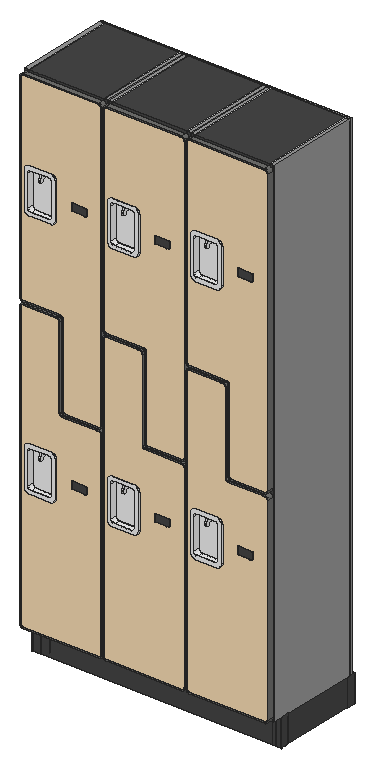
Revit family "Wood_Lockers-Salsbury_Industries-37000_Series-3_Wide_Units", category Specialty Equipment, Revit 2026
Family settings
  Round Connector Dimension = Use Diameter
  Part Type = Normal
  Classification Number = 23.40.00.00
  Work Plane-Based = No
  Enable Cutting in Views = No
  Always vertical = Yes
  Cut with Voids When Loaded = No
  Maintain Annotation Orientation = No
  Shared = No
  Room Calculation Point = No
Parameters (values of type "37365")
  Width = 36.000"
  Version = "2.0 (07/14/17)"
  Unit Trim = Melamine - Salsbury Finish - Black
  Unit Height including Sloping Hood Only [instance] = 77.743"
  Unit Height including Base Only [instance] = 76.000"
  URL = "www.lockers.com"
  Type Comments = "Designer Wood Lockers - Double Tier 'S' Style"
  Total Doors Height [instance] = if(Unit Height = 72.000", 71.750", if(Unit Height = 60.000", 59.750", 0.000"))  # 71.750"
  Test Data = "https://www.lockers.com/videolibrary/"
  Specification = "https://www.lockers.com/architect-resources//"
  Sloping Top Corner Filler - Right Side [instance] = Wood Locker Sloping Corner Fillers : None
  Sloping Top Corner Filler - Left Side [instance] = Wood Locker Sloping Corner Fillers : None
  Sloping In-Line Filler - Right Side [instance] = Wood Locker Sloping In-Line Fillers : None
  Sloping In-Line Filler - Left Side [instance] = Wood Locker Sloping In-Line Fillers : None
  Sloping Hood Height = if(Depth = 15.000", 5.743", if(Depth = 18.000", 6.868", if(Depth = 21.000", 7.993", if(Depth = 24.000", 9.118", 0.000"))))  # 5.743"
  Sloping Hood [instance] = Wood Locker Sloping Hoods : None
  Side Panel without Slope - Right Side [instance] = Wood Locker Side Panels-No Slope : None
  Side Panel without Slope - Left Side [instance] = Wood Locker Side Panels-No Slope : None
  Side Panel with Slope - Right Side [instance] = Wood Locker Side Panels-With Slope : None
  Side Panel with Slope - Left Side [instance] = Wood Locker Side Panels-With Slope : None
  Secondary Structure Materials = Particle Board Industrial Grade - Salsbury Finish - Black Melamine Overlay
  Sales Information = "https://www.lockers.com/request_a_quote/"
  Revision = "R1_2018-10"
  Product Data = "https://www.lockers.com/downloads__catalog/"
  Primary Structure Materials = Particle Board Industrial Grade - Salsbury Finish - White Melamine Inlay
  Overall Unit Height including Base and Sloping Hood [instance] = 81.743"
  OmniClass 23 Title = "Equipment and Furnishings"
  OmniClass 23 Number = "23.40.00.00"
  Model = "37365"
  MasterFormat Title = "Lockers"
  MasterFormat Code = "10 51 23"
  Manufacturer Website = "https://www.lockers.com/"
  Manufacturer Phone - Toll Free = "1-800-562-5377"
  Manufacturer Phone = "(323) 846-6700"
  Manufacturer Fax = "1-800-562-5399"
  Manufacturer Address = "1010 East 62nd Street, Los Angeles, CA 90001-1598"
  Manufacturer = "Salsbury Industries"
  Laminate Surface [instance] = Wood Laminate - Salsbury Finish - Maple with Industrial Grade Particleboard Underlay
  Unit Height = 72.000"
  Keynote = "10 51 00"
  Installation-Fabrication = "https://www.lockers.com/downloads__installation_instructions/"
  Individual Door Width [instance] = 11.875"
  Individual Door Height = if(Unit Height = 72.000", 42.062", if(Unit Height = 60.000", 36.062", 0.000"))  # 42.062"
  Hardware = Aluminum - Salsbury Finish - Black Satin
  Green Building-LEED = "https://www.arcat.com/green/green_building.shtml"
  Front Vertical Filler - Right Side [instance] = Wood Locker Front Fillers : None
  Front Vertical Filler - Left Side [instance] = Wood Locker Front Fillers : None
  Front Corner Filler - Right Side [instance] = Wood Locker Front Corner Filler : None
  Front Corner Filler - Left Side [instance] = Wood Locker Front Corner Filler : None
  Flat Top In-Line Filler - Right Side [instance] = Wood Locker Flat In-Line Fillers : None
  Flat Top In-Line Filler - Left Side [instance] = Wood Locker Flat In-Line Fillers : None
  Flat Top Corner Filler - Right Side [instance] = Wood Locker Flat Corner Fillers : None
  Flat Top Corner Filler - Left Side [instance] = Wood Locker Flat Corner Fillers : None
  Fascia Filler [instance] = Wood Locker Fascia Fillers : None
  Drawn By = ""
  Double Side Panel without Slope - Right Side [instance] = Wood Locker Double Side Panels-No Slope : None
  Double Side Panel without Slope - Left Side [instance] = Wood Locker Double Side Panels-No Slope : None
  Double Side Panel with Slope - Right Side [instance] = Wood Locker Double Side Panels-With Slope : None
  Double Side Panel with Slope - Left Side [instance] = Wood Locker Double Side Panels-With Slope : None
  Door Trim = Rubber Trim - Salsbury Finish - Textured
  Door Location D2 = Wood Locker S-Style Bottom Doors : Double Tier Bottom S-Door for Six Foot High Locker
  Door Location D1 = Wood Locker S-Style Top Doors : Double Tier Top S-Door for Six Foot High Locker
  Description = "3 Wide - 6 Feet High - 15 inches Deep - with Base"
  Depth = 15.000"
  Default Elevation = 0.000"
  Copyright = ""
  Construction Details = "https://www.lockers.com/downloads__catalog/"
  Compartment Width [instance] = 10.750"
  Compartment Height [instance] = if(Unit Height = 72.000", 41.153", if(Unit Height = 60.000", 35.153", 0.000"))  # 41.153"
  Compartment Depth [instance] = 13.750"
  Category = ""
  Building Codes = "https://www.lockers.com/downloads__forms_and_information/"
  Base Height = 4.000"
  Base Depth [instance] = 13.250"
  Base = Wood Locker Bases : Base - 36" W x 15" D Lockers
  Assembly Code = "C1030310"
Reference planes (in)
  plane 1 "Center (Front/Back)": y = 0
  plane 2: z = 0
  plane 3 "Center (Left/Right)": x = 0
  plane 4 "Right Side of Unit": x = 18
  plane 5 "Left Side of Unit": x = -18
  plane 6 "Back of Unit": y = 7.5
  plane 7 "Front of Unit": y = -7.5
  plane 8 "Bottom of Base": z = 0
  plane 9 "Top Edge of Unit": z = 76
  plane 10 "Top of Base Edge": z = 4
  plane 11: z = 81.743
  plane 12 "Right Compartment 3 Edge": x = 17.406
  plane 13 "Left Compartment 1 Edge": x = -17.406
  plane 14 "Front Melamine Edge": y = -6.5
  plane 15 "Back Compartment Edge": y = 7.281
  plane 16 "Front Compartment Edge": y = -6.469
  plane 17 "Front Edge of Base": y = -5.125
  plane 18 "Bottom Edge of Door": z = 4.125
  plane 19 "Top Edge of Door": z = 75.875
  plane 20 "Bottom Compartment Edge": z = 4.75
  plane 21 "Top Compartment Edge": z = 75.25
  plane 22 "Center Top and Bottom": z = 40
  plane 23 "Left Melamine 1 Edge": x = -17.375
  plane 24 "Right Melamine 3 Edge": x = 17.375
  plane 25 "Back Melamine Edge": y = 7.25
  plane 26 "Left Edge of Door": x = -17.875
  plane 27: y = 8.125
  plane 28: y = -5.75
  plane 29 "Base / Ventillation Alignment": y = 8.125
  plane 30 "Compartment 1-2 Dividing Line": x = -6
  plane 31 "Compartment 2-3 Dividing Line": x = 6
  plane 32 "Right Compartment 1 Edge": x = -6.594
  plane 33 "Right Melamine 1 Edge": x = -6.625
  plane 34 "Left Compartment 2 Edge": x = -5.406
  plane 35 "Left Melamine 2 Edge": x = -5.375
  plane 36 "Right Compartment 2 Edge": x = 5.406
  plane 37 "Right Melamine 2 Edge": x = 5.375
  plane 38 "Left Compartment 3 Edge": x = 6.594
  plane 39 "Left Melamine 3 Edge": x = 6.625
  plane 40 "Compartment Shelf 1": z = 46.653
  plane 41: z = 45.903
  plane 42 "Compartment Extrusion Guide": z = 3.5
  plane 43 "Vertical Center of Compartment 1": x = -12
  plane 44 "Vertical Center of Compartment 3": x = 12
  plane 45: z = 46.187
  plane 46: z = 46.375
  plane 47 "Compartment Shelf 2": z = 34.097
  plane 48: z = 33.347
  plane 49: x = -0.375
  plane 50: x = 0.375
  plane 51: x = -11.625
  plane 52: x = -12.375
  plane 53: x = 11.625
  plane 54: x = 12.375
  plane 55: z = 48.153
  plane 56: z = 31.847
Forms (in)
  Extrusion 1, solid, material "Particle Board Industrial Grade - Salsbury Finish - White Melamine Inlay" <- "Primary Structure Materials"
    sketch origin (18, 0, 0) x (0, -1, 0) y (0, 0, 1)
      loop
        line (6.469, 76) -> (-7.25, 76) -> (-7.25, 4) -> (6.469, 4) -> (6.469, 76)
    from 0 to 0.594
  Extrusion 2, solid, material "Particle Board Industrial Grade - Salsbury Finish - White Melamine Inlay" <- "Primary Structure Materials"
    sketch origin (-18, 0, 0) x (0, -1, 0) y (0, 0, 1)
      loop
        line (-7.25, 76) -> (-7.25, 4) -> (6.469, 4) -> (6.469, 76) -> (-7.25, 76)
    from 0 to -0.594
  Extrusion 3, solid, material "Particle Board Industrial Grade - Salsbury Finish - Black Melamine Overlay" <- "Secondary Structure Materials"
    sketch origin (0, 0, 4) x (0, -1, 0) y (1, 0, 0)
      loop
        line (-7.25, -17.375) -> (6.5, -17.375) -> (6.5, 17.375) -> (-7.25, 17.375) -> (-7.25, -17.375)
    from 0 to 0.75
  Extrusion 4, solid, material "Particle Board Industrial Grade - Salsbury Finish - Black Melamine Overlay" <- "Secondary Structure Materials"
    sketch origin (0, 0, 76) x (0, -1, 0) y (1, 0, 0)
      loop
        line (-7.25, -17.375) -> (6.5, -17.375) -> (6.5, 17.375) -> (-7.25, 17.375) -> (-7.25, -17.375)
    from 0 to -0.75
  Extrusion 5, solid, material "Particle Board Industrial Grade - Salsbury Finish - White Melamine Inlay" <- "Primary Structure Materials"
    sketch origin (0, 7.5, 0) x (1, 0, 0) y (0, 0, 1)
      loop
        line (-18, 76) -> (-18, 4) -> (18, 4) -> (18, 76) -> (-18, 76)
    from 0 to 0.219
  Extrusion 6, solid, material "Melamine - Salsbury Finish - Black" <- "Unit Trim"
    sketch origin (0, -6.469, 0) x (1, 0, 0) y (0, 0, 1)
      loop
        line (-18, 76) -> (-18, 4) -> (-17.375, 4) -> (-17.375, 76) -> (-18, 76)
    from 0 to 0.031
  Extrusion 7, solid, material "Melamine - Salsbury Finish - Black" <- "Unit Trim"
    sketch origin (0, -6.469, 0) x (-1, 0, 0) y (0, 0, -1)
      loop
        line (-18, -76) -> (-17.375, -76) -> (-17.375, -4) -> (-18, -4) -> (-18, -76)
    from 0 to 0.031
  Extrusion 8, solid, material "Melamine - Salsbury Finish - White"
    sketch origin (0, 7.25, 0) x (1, 0, 0) y (0, 0, 1)
      loop
        line (-18, 76) -> (-18, 4) -> (18, 4) -> (18, 76) -> (-18, 76)
    from -0.031 to 0
  Extrusion 9, solid, material "Melamine - Salsbury Finish - White"
    sketch origin (-17.406, 0, 0) x (0, -1, 0) y (0, 0, 1)
      loop
        line (-7.25, 76) -> (-7.25, 4) -> (6.469, 4) -> (6.469, 76) -> (-7.25, 76)
    from 0 to -0.031
  Extrusion 10, solid, material "Melamine - Salsbury Finish - White"
    sketch origin (17.406, 0, 0) x (0, -1, 0) y (0, 0, 1)
      loop
        line (6.469, 76) -> (-7.25, 76) -> (-7.25, 4) -> (6.469, 4) -> (6.469, 76)
    from 0 to 0.031
  Extrusion 11, solid, material "Particle Board Industrial Grade - Salsbury Finish - Black Melamine Overlay" <- "Secondary Structure Materials", detail levels fine
    sketch origin (0, 0, 46.653) x (0, -1, 0) y (1, 0, 0)
      loop
        line (-7.25, -17.375) -> (6.5, -17.375) -> (6.5, -12.375) -> (-7.25, -12.375) -> (-7.25, -17.375)
      loop
        line (-7.25, -5.375) -> (6.5, -5.375) -> (6.5, -0.375) -> (-7.25, -0.375) -> (-7.25, -5.375)
      loop
        line (-7.25, 6.625) -> (6.5, 6.625) -> (6.5, 11.625) -> (-7.25, 11.625) -> (-7.25, 6.625)
    from 0 to -0.75
  Extrusion 12, void
    sketch origin (0, 0, 76) x (0, -1, 0) y (1, 0, 0)
      loop
        line (-7.25, -6.625) -> (6.5, -6.625) -> (6.5, -5.375) -> (-7.25, -5.375) -> (-7.25, -6.625)
    from -72.5 to 0
  Extrusion 13, void
    sketch origin (12, 0, 76) x (0, -1, 0) y (1, 0, 0)
      loop
        line (-7.25, -6.625) -> (6.5, -6.625) -> (6.5, -5.375) -> (-7.25, -5.375) -> (-7.25, -6.625)
    from -72.5 to 0
  Extrusion 14, solid, material "Particle Board Industrial Grade - Salsbury Finish - White Melamine Inlay" <- "Primary Structure Materials"
    sketch origin (6.0625, 0, 0) x (0, -1, 0) y (0, 0, 1)
      loop
        line (6.469, 76) -> (-7.25, 76) -> (-7.25, 4) -> (6.469, 4) -> (6.469, 76)
    from 0.0625 to 0.6565
  Extrusion 15, solid, material "Melamine - Salsbury Finish - White"
    sketch origin (5.4685, 0, 0) x (0, -1, 0) y (0, 0, 1)
      loop
        line (6.469, 76) -> (-7.25, 76) -> (-7.25, 4) -> (6.469, 4) -> (6.469, 76)
    from 0.0625 to 0.0935
  Extrusion 16, solid, material "Particle Board Industrial Grade - Salsbury Finish - White Melamine Inlay" <- "Primary Structure Materials"
    sketch origin (-5.9375, 0, 0) x (0, -1, 0) y (0, 0, 1)
      loop
        line (6.469, 76) -> (-7.25, 76) -> (-7.25, 4) -> (6.469, 4) -> (6.469, 76)
    from 0.0625 to 0.6565
  Extrusion 17, solid, material "Melamine - Salsbury Finish - White"
    sketch origin (-6.5315, 0, 0) x (0, -1, 0) y (0, 0, 1)
      loop
        line (6.469, 76) -> (-7.25, 76) -> (-7.25, 4) -> (6.469, 4) -> (6.469, 76)
    from 0.0625 to 0.0935
  Extrusion 18, solid, material "Particle Board Industrial Grade - Salsbury Finish - White Melamine Inlay" <- "Primary Structure Materials"
    sketch origin (-5.9375, 0, 0) x (0, -1, 0) y (0, 0, 1)
      loop
        line (-7.25, 76) -> (-7.25, 4) -> (6.469, 4) -> (6.469, 76) -> (-7.25, 76)
    from 0.0625 to -0.5315
  Extrusion 19, solid, material "Melamine - Salsbury Finish - White"
    sketch origin (-5.3435, 0, 0) x (0, -1, 0) y (0, 0, 1)
      loop
        line (-7.25, 76) -> (-7.25, 4) -> (6.469, 4) -> (6.469, 76) -> (-7.25, 76)
    from 0.0625 to 0.0315
  Extrusion 20, solid, material "Particle Board Industrial Grade - Salsbury Finish - White Melamine Inlay" <- "Primary Structure Materials"
    sketch origin (6.0625, 0, 0) x (0, -1, 0) y (0, 0, 1)
      loop
        line (-7.25, 76) -> (-7.25, 4) -> (6.469, 4) -> (6.469, 76) -> (-7.25, 76)
    from 0.0625 to -0.5315
  Extrusion 21, solid, material "Melamine - Salsbury Finish - White"
    sketch origin (6.6565, 0, 0) x (0, -1, 0) y (0, 0, 1)
      loop
        line (-7.25, 76) -> (-7.25, 4) -> (6.469, 4) -> (6.469, 76) -> (-7.25, 76)
    from 0.0625 to 0.0315
  Extrusion 22, solid, material "Melamine - Salsbury Finish - Black" <- "Unit Trim"
    sketch origin (11.375, -6.469, 0) x (1, 0, 0) y (0, 0, 1)
      loop
        line (-18, 76) -> (-18, 4) -> (-16.75, 4) -> (-16.75, 76) -> (-18, 76)
    from 0 to 0.031
  Extrusion 23, solid, material "Melamine - Salsbury Finish - Black" <- "Unit Trim"
    sketch origin (23.375, -6.469, 0) x (1, 0, 0) y (0, 0, 1)
      loop
        line (-18, 76) -> (-18, 4) -> (-16.75, 4) -> (-16.75, 76) -> (-18, 76)
    from 0 to 0.031
  Extrusion 24, solid, material "Particle Board Industrial Grade - Salsbury Finish - Black Melamine Overlay" <- "Secondary Structure Materials", detail levels fine
    sketch origin (0, 0, 34.097) x (0, -1, 0) y (1, 0, 0)
      loop
        line (-7.25, 12.375) -> (6.5, 12.375) -> (6.5, 17.375) -> (-7.25, 17.375) -> (-7.25, 12.375)
      loop
        line (-7.25, 0.375) -> (6.5, 0.375) -> (6.5, 5.375) -> (-7.25, 5.375) -> (-7.25, 0.375)
      loop
        line (-7.25, -11.625) -> (6.5, -11.625) -> (6.5, -6.625) -> (-7.25, -6.625) -> (-7.25, -11.625)
    from 0 to -0.75
  Extrusion 25, solid, material "Particle Board Industrial Grade - Salsbury Finish - Black Melamine Overlay" <- "Secondary Structure Materials", detail levels fine
    sketch origin (0, 7.25, 0) x (1, 0, 0) y (0, 0, 1)
      loop
        line (-0.375, 48.153) -> (-0.375, 31.847) -> (0.375, 31.847) -> (0.375, 48.153) -> (-0.375, 48.153)
    from 0 to 13.75
  Extrusion 26, solid, material "Particle Board Industrial Grade - Salsbury Finish - Black Melamine Overlay" <- "Secondary Structure Materials", detail levels fine
    sketch origin (-12, 7.25, 0) x (1, 0, 0) y (0, 0, 1)
      loop
        line (-0.375, 48.153) -> (-0.375, 31.847) -> (0.375, 31.847) -> (0.375, 48.153) -> (-0.375, 48.153)
    from 0 to 13.75
  Extrusion 27, solid, material "Particle Board Industrial Grade - Salsbury Finish - Black Melamine Overlay" <- "Secondary Structure Materials", detail levels fine
    sketch origin (12, 7.25, 0) x (1, 0, 0) y (0, 0, 1)
      loop
        line (-0.375, 48.153) -> (-0.375, 31.847) -> (0.375, 31.847) -> (0.375, 48.153) -> (-0.375, 48.153)
    from 0 to 13.75
Cuts and joins
  Extrusion 12, Extrusion 13 cuts Extrusion 4
  Extrusion 12, Extrusion 13 cuts Extrusion 11
  Extrusion 12, Extrusion 13 cuts Extrusion 3
  Extrusion 13 cuts Extrusion 8
Lines and regions (in)
  symbolic lines
    curve 1: line (-18, 7.25, 76) -> (18.0000605, 7.25, 76)
    curve 2: line (-18, 7.25, 0) -> (-18, 7.25, 76)
    curve 3: line (18.0000605, 7.25, 76) -> (18.0000605, 7.25, 0)
    curve 4: line (17.406, -6.5, 76) -> (17.406, 8.125, 76)
    curve 5: line (17.406, -6.5, 0) -> (17.406, -6.5, 76)
    curve 6: line (17.406, 8.125, 76) -> (17.406, 8.125, 0)
    curve 7: line (18.0000605, 7.25, 0) -> (-18, 7.25, 0)
    curve 8: line (17.406, -5.125, 0) -> (17.406, 8.125, 0)
    curve 9: line (17.406, 8.125, 0) -> (17.406, -5.125, 0)
    curve 10: line (17.406, -6.5, 0) -> (17.406, 8.125, 0)
    curve 11: line (-18, 8.125, 0) -> (18, 8.125, 0)
    curve 12: line (-18, -6.5, 0) -> (-18, 8.125, 0)
    curve 13: line (18, -6.5, 0) -> (-18, -6.5, 0)
    curve 14: line (18, 8.125, 0) -> (18, -6.5, 0)
Dimensions and locks (in)
  equal spacing: plane 5 "Left Side of Unit", plane 43 "Vertical Center of Compartment 1", plane 30 "Compartment 1-2 Dividing Line", plane 3 "Center (Left/Right)", plane 31 "Compartment 2-3 Dividing Line", plane 44 "Vertical Center of Compartment 3", plane 4 "Right Side of Unit"
  "Width": plane 5 "Left Side of Unit" to plane 4 "Right Side of Unit"
  equal spacing: plane 7 "Front of Unit", plane 1 "Center (Front/Back)", plane 6 "Back of Unit"
  "Depth": plane 7 "Front of Unit" to plane 6 "Back of Unit"
  "Base Height": plane 10 "Top of Base Edge" to plane 8 "Bottom of Base"
  "Unit Height": plane 9 "Top Edge of Unit" to plane 10 "Top of Base Edge"
  "Sloping Hood Height": plane 11 to plane 9 "Top Edge of Unit"
  locked: plane 12 "Right Compartment 3 Edge" to plane 4 "Right Side of Unit" at 0.594
  locked: plane 5 "Left Side of Unit" to plane 13 "Left Compartment 1 Edge" at 0.594
  locked: plane 7 "Front of Unit" to plane 14 "Front Melamine Edge" at 1
  locked: plane 15 "Back Compartment Edge" to plane 6 "Back of Unit" at 0.219
  locked: plane 14 "Front Melamine Edge" to plane 16 "Front Compartment Edge" at 0.031
  plane 18 "Bottom Edge of Door" to plane 10 "Top of Base Edge" = 0.125"
  plane 9 "Top Edge of Unit" to plane 19 "Top Edge of Door" = 0.125"
  plane 20 "Bottom Compartment Edge" to plane 10 "Top of Base Edge" = 0.750"
  plane 9 "Top Edge of Unit" to plane 21 "Top Compartment Edge" = 0.750"
  equal spacing: plane 9 "Top Edge of Unit", plane 22 "Center Top and Bottom", plane 10 "Top of Base Edge"
  locked: plane 24 "Right Melamine 3 Edge" to plane 12 "Right Compartment 3 Edge" at 0.031
  locked: plane 13 "Left Compartment 1 Edge" to plane 23 "Left Melamine 1 Edge" at 0.031
  locked: plane 25 "Back Melamine Edge" to plane 15 "Back Compartment Edge" at 0.031
  locked: plane 5 "Left Side of Unit" to plane 26 "Left Edge of Door" at 0.125
  "Individual Door Width": plane 26 "Left Edge of Door" to plane 30 "Compartment 1-2 Dividing Line"
  "Total Doors Height": plane 19 "Top Edge of Door" to plane 18 "Bottom Edge of Door"
  "Unit Height including Base Only": plane 9 "Top Edge of Unit" to plane 8 "Bottom of Base"
  "Unit Height including Sloping Hood Only": plane 11 to plane 10 "Top of Base Edge"
  "Overall Unit Height including Base and Sloping Hood": plane 11 to plane 8 "Bottom of Base"
  locked: plane 7 "Front of Unit" to plane 17 "Front Edge of Base" at 2.375
  locked: plane 6 "Back of Unit" to plane 27 at 0.625
  "Base Depth": plane 17 "Front Edge of Base" to plane 27
  "Compartment Width": plane 23 "Left Melamine 1 Edge" to plane 33 "Right Melamine 1 Edge"
  "Compartment Height": plane 41 to plane 20 "Bottom Compartment Edge"
  "Compartment Depth": plane 14 "Front Melamine Edge" to plane 25 "Back Melamine Edge"
  locked: plane 14 "Front Melamine Edge" to plane 28 at 0.75
  plane 14 "Front Melamine Edge" to plane 27 = 14.625"
  Extrusion 2 to Extrusion 9 = 13.719"
  plane 6 "Back of Unit" to plane 29 "Base / Ventillation Alignment" = 0.625"
  plane 32 "Right Compartment 1 Edge" to plane 30 "Compartment 1-2 Dividing Line" to plane 34 "Left Compartment 2 Edge" = 0.594" locked, 0.594" locked
  plane 36 "Right Compartment 2 Edge" to plane 31 "Compartment 2-3 Dividing Line" to plane 38 "Left Compartment 3 Edge" = 0.594" locked, 0.594" locked
  locked: plane 37 "Right Melamine 2 Edge" to plane 36 "Right Compartment 2 Edge" at 0.031
  locked: plane 38 "Left Compartment 3 Edge" to plane 39 "Left Melamine 3 Edge" at 0.031
  locked: plane 34 "Left Compartment 2 Edge" to plane 35 "Left Melamine 2 Edge" at 0.031
  locked: plane 33 "Right Melamine 1 Edge" to plane 32 "Right Compartment 1 Edge" at 0.031
  locked: plane 40 "Compartment Shelf 1" to plane 41 at 0.75
  locked: plane 10 "Top of Base Edge" to plane 42 "Compartment Extrusion Guide" at 0.5
  locked: plane 46 to plane 45 at 0.188
  "Individual Door Height": plane 45 to plane 18 "Bottom Edge of Door"
  locked: plane 47 "Compartment Shelf 2" to plane 48 at 0.75
  "Compartment Height": plane 21 "Top Compartment Edge" to plane 47 "Compartment Shelf 2"
  plane 49 to plane 3 "Center (Left/Right)" to plane 50 = 0.375" locked, 0.375" locked
  plane 52 to plane 43 "Vertical Center of Compartment 1" to plane 51 = 0.375" locked, 0.375" locked
  plane 53 to plane 44 "Vertical Center of Compartment 3" to plane 54 = 0.375" locked, 0.375" locked
  locked: plane 55 to plane 40 "Compartment Shelf 1" at 1.5
  locked: plane 48 to plane 56 at 1.5
  aligned and locked: level to plane 2
  aligned and locked: plane 15 "Back Compartment Edge" to Extrusion 5
  aligned and locked: plane 4 "Right Side of Unit" to nested 1
  aligned and locked: plane 18 "Bottom Edge of Door" to nested 1
  aligned and locked: plane 7 "Front of Unit" to nested 1
  aligned and locked: plane 5 "Left Side of Unit" to nested 2
  aligned and locked: nested 2 to plane 14 "Front Melamine Edge"
  aligned and locked: plane 9 "Top Edge of Unit" to nested 2
  aligned and locked: plane 4 "Right Side of Unit" to nested 3
  aligned and locked: nested 3 to plane 9 "Top Edge of Unit"
  aligned and locked: nested 3 to plane 14 "Front Melamine Edge"
  aligned and locked: plane 9 "Top Edge of Unit" to nested 4
  aligned and locked: plane 28 to nested 4
  aligned and locked: nested 5 to plane 28
  aligned and locked: plane 5 "Left Side of Unit" to nested 5
  aligned and locked: plane 4 "Right Side of Unit" to nested 4
  aligned and locked: nested 5 to plane 9 "Top Edge of Unit"
  aligned and locked: nested 7 to plane 5 "Left Side of Unit"
  aligned and locked: nested 6 to plane 4 "Right Side of Unit"
  aligned and locked: plane 14 "Front Melamine Edge" to nested 6
  aligned and locked: plane 14 "Front Melamine Edge" to nested 7
  aligned and locked: plane 10 "Top of Base Edge" to nested 6
  aligned and locked: nested 7 to plane 10 "Top of Base Edge"
  aligned and locked: plane 5 "Left Side of Unit" to nested 8
  aligned and locked: plane 4 "Right Side of Unit" to nested 9
  aligned and locked: nested 9 to plane 10 "Top of Base Edge"
  aligned and locked: plane 10 "Top of Base Edge" to nested 8
  aligned and locked: plane 16 "Front Compartment Edge" to nested 9
  aligned and locked: plane 14 "Front Melamine Edge" to nested 8
  aligned and locked: plane 4 "Right Side of Unit" to nested 10
  aligned and locked: nested 10 to plane 10 "Top of Base Edge"
  aligned and locked: plane 14 "Front Melamine Edge" to nested 10
  aligned and locked: plane 14 "Front Melamine Edge" to nested 11
  aligned and locked: nested 11 to nested 3
  aligned and locked: plane 10 "Top of Base Edge" to nested 11
  aligned and locked: nested 12 to plane 5 "Left Side of Unit"
  aligned and locked: plane 14 "Front Melamine Edge" to nested 12
  aligned and locked: nested 12 to plane 10 "Top of Base Edge"
  aligned and locked: plane 14 "Front Melamine Edge" to nested 13
  aligned and locked: nested 13 to plane 4 "Right Side of Unit"
  aligned and locked: plane 14 "Front Melamine Edge" to nested 14
  aligned and locked: nested 14 to plane 5 "Left Side of Unit"
  aligned and locked: plane 10 "Top of Base Edge" to nested 13
  aligned and locked: nested 14 to plane 10 "Top of Base Edge"
  aligned and locked: plane 14 "Front Melamine Edge" to nested 15
  aligned and locked: plane 4 "Right Side of Unit" to nested 15
  aligned and locked: plane 14 "Front Melamine Edge" to nested 16
  aligned and locked: plane 5 "Left Side of Unit" to nested 16
  aligned and locked: nested 15 to plane 8 "Bottom of Base"
  aligned and locked: nested 16 to plane 8 "Bottom of Base"
  aligned and locked: nested 17 to plane 5 "Left Side of Unit"
  aligned and locked: nested 18 to plane 4 "Right Side of Unit"
  aligned and locked: nested 18 to plane 14 "Front Melamine Edge"
  aligned and locked: nested 17 to plane 14 "Front Melamine Edge"
  aligned and locked: plane 8 "Bottom of Base" to nested 18
  aligned and locked: nested 17 to plane 8 "Bottom of Base"
  aligned and locked: plane 17 "Front Edge of Base" to nested 19
  aligned and locked: nested 20 to plane 9 "Top Edge of Unit"
  aligned and locked: plane 5 "Left Side of Unit" to nested 20
  aligned and locked: nested 21 to plane 9 "Top Edge of Unit"
  aligned and locked: plane 4 "Right Side of Unit" to nested 21
  aligned and locked: nested 21 to plane 14 "Front Melamine Edge"
  aligned and locked: nested 20 to plane 14 "Front Melamine Edge"
  aligned and locked: nested 23 to plane 9 "Top Edge of Unit"
  aligned and locked: plane 4 "Right Side of Unit" to nested 23
  aligned and locked: nested 22 to plane 9 "Top Edge of Unit"
  aligned and locked: plane 5 "Left Side of Unit" to nested 22
  aligned and locked: nested 23 to plane 28
  aligned and locked: nested 22 to plane 28
  aligned and locked: plane 8 "Bottom of Base" to nested 19
  aligned and locked: plane 3 "Center (Left/Right)" to nested 19
  aligned and locked: plane 25 "Back Melamine Edge" to Extrusion 3 sketch curve
  aligned and locked: Extrusion 3 sketch curve to plane 23 "Left Melamine 1 Edge"
  aligned and locked: plane 24 "Right Melamine 3 Edge" to Extrusion 3 sketch curve
  aligned and locked: Extrusion 3 sketch curve to plane 14 "Front Melamine Edge"
  aligned and locked: Extrusion 3 to plane 20 "Bottom Compartment Edge"
  aligned and locked: plane 10 "Top of Base Edge" to Extrusion 3
  aligned and locked: plane 25 "Back Melamine Edge" to Extrusion 4 sketch curve
  aligned and locked: plane 24 "Right Melamine 3 Edge" to Extrusion 4 sketch curve
  aligned and locked: Extrusion 4 sketch curve to plane 23 "Left Melamine 1 Edge"
  aligned and locked: Extrusion 4 sketch curve to plane 14 "Front Melamine Edge"
  aligned and locked: Extrusion 4 to plane 9 "Top Edge of Unit"
  aligned and locked: plane 21 "Top Compartment Edge" to Extrusion 4
  aligned and locked: Extrusion 2 sketch curve to plane 9 "Top Edge of Unit"
  aligned and locked: plane 16 "Front Compartment Edge" to Extrusion 2 sketch curve
  aligned and locked: Extrusion 2 sketch curve to plane 25 "Back Melamine Edge"
  aligned and locked: plane 10 "Top of Base Edge" to Extrusion 2 sketch curve
  aligned and locked: Extrusion 2 to plane 13 "Left Compartment 1 Edge"
  aligned and locked: plane 5 "Left Side of Unit" to Extrusion 2
  aligned and locked: plane 10 "Top of Base Edge" to Extrusion 9 sketch curve
  aligned and locked: Extrusion 9 sketch curve to plane 25 "Back Melamine Edge"
  aligned and locked: Extrusion 9 sketch curve to plane 9 "Top Edge of Unit"
  aligned and locked: Extrusion 1 sketch curve to plane 16 "Front Compartment Edge"
  aligned and locked: plane 9 "Top Edge of Unit" to Extrusion 1 sketch curve
  aligned and locked: Extrusion 1 sketch curve to plane 10 "Top of Base Edge"
  aligned and locked: plane 25 "Back Melamine Edge" to Extrusion 1 sketch curve
  aligned and locked: Extrusion 1 to plane 4 "Right Side of Unit"
  aligned and locked: plane 12 "Right Compartment 3 Edge" to Extrusion 1
  aligned and locked: Extrusion 10 sketch curve to plane 10 "Top of Base Edge"
  aligned and locked: plane 25 "Back Melamine Edge" to Extrusion 10 sketch curve
  aligned and locked: Extrusion 10 sketch curve to plane 16 "Front Compartment Edge"
  aligned and locked: plane 9 "Top Edge of Unit" to Extrusion 10 sketch curve
  aligned and locked: Extrusion 10 to plane 12 "Right Compartment 3 Edge"
  aligned and locked: plane 24 "Right Melamine 3 Edge" to Extrusion 10
  aligned and locked: Extrusion 8 sketch curve to plane 10 "Top of Base Edge"
  aligned and locked: plane 4 "Right Side of Unit" to Extrusion 8 sketch curve
  aligned and locked: plane 9 "Top Edge of Unit" to Extrusion 8 sketch curve
  aligned and locked: Extrusion 8 sketch curve to plane 5 "Left Side of Unit"
  aligned and locked: Extrusion 8 to plane 15 "Back Compartment Edge"
  aligned and locked: plane 25 "Back Melamine Edge" to Extrusion 8
  aligned and locked: plane 9 "Top Edge of Unit" to Extrusion 5 sketch curve
  aligned and locked: Extrusion 5 sketch curve to plane 5 "Left Side of Unit"
  aligned and locked: Extrusion 5 sketch curve to plane 10 "Top of Base Edge"
  aligned and locked: plane 4 "Right Side of Unit" to Extrusion 5 sketch curve
  aligned and locked: Extrusion 7 sketch curve to plane 9 "Top Edge of Unit"
  aligned and locked: Extrusion 7 sketch curve to plane 4 "Right Side of Unit"
  aligned and locked: plane 24 "Right Melamine 3 Edge" to Extrusion 7 sketch curve
  aligned and locked: plane 10 "Top of Base Edge" to Extrusion 7 sketch curve
  aligned and locked: Extrusion 7 to plane 16 "Front Compartment Edge"
  aligned and locked: plane 14 "Front Melamine Edge" to Extrusion 7
  aligned and locked: Extrusion 6 sketch curve to plane 10 "Top of Base Edge"
  aligned and locked: plane 23 "Left Melamine 1 Edge" to Extrusion 6 sketch curve
  aligned and locked: Extrusion 6 sketch curve to plane 5 "Left Side of Unit"
  aligned and locked: plane 9 "Top Edge of Unit" to Extrusion 6 sketch curve
  aligned and locked: Extrusion 6 to plane 16 "Front Compartment Edge"
  aligned and locked: Extrusion 6 to plane 14 "Front Melamine Edge"
  aligned and locked: plane 16 "Front Compartment Edge" to Extrusion 9
  aligned and locked: Extrusion 9 to Extrusion 3
  aligned and locked: plane 13 "Left Compartment 1 Edge" to Extrusion 9
  aligned and locked: nested 2 to curve 1
  aligned and locked: curve 2 to nested 16
  aligned and locked: nested 15 to curve 5
  aligned and locked: curve 9 to nested 19
  aligned and locked: curve 10 to nested 15
  aligned and locked: curve 13 to plane 14 "Front Melamine Edge"
  aligned and locked: curve 12 to plane 5 "Left Side of Unit"
  aligned and locked: plane 29 "Base / Ventillation Alignment" to curve 11
  aligned and locked: plane 29 "Base / Ventillation Alignment" to curve 6
  aligned and locked: plane 14 "Front Melamine Edge" to nested 24
  aligned and locked: plane 9 "Top Edge of Unit" to nested 24
  aligned and locked: plane 3 "Center (Left/Right)" to nested 24
  aligned and locked: plane 14 "Front Melamine Edge" to nested 25
  aligned and locked: plane 3 "Center (Left/Right)" to nested 25
  aligned and locked: plane 9 "Top Edge of Unit" to nested 25
  aligned and locked: plane 25 "Back Melamine Edge" to Extrusion 11 sketch curve  (x2)
  aligned and locked: Extrusion 11 sketch curve to plane 23 "Left Melamine 1 Edge"
  aligned and locked: Extrusion 11 sketch curve to plane 14 "Front Melamine Edge"
  aligned and locked: Extrusion 11 to plane 40 "Compartment Shelf 1"
  aligned and locked: plane 41 to Extrusion 11
  aligned and locked: Extrusion 12 sketch curve to plane 25 "Back Melamine Edge"
  aligned and locked: plane 33 "Right Melamine 1 Edge" to Extrusion 12 sketch curve
  aligned and locked: plane 14 "Front Melamine Edge" to Extrusion 12 sketch curve
  aligned and locked: Extrusion 12 sketch curve to plane 35 "Left Melamine 2 Edge"
  aligned and locked: Extrusion 12 to plane 9 "Top Edge of Unit"
  aligned and locked: plane 42 "Compartment Extrusion Guide" to Extrusion 12
  aligned and locked: Extrusion 13 sketch curve to plane 37 "Right Melamine 2 Edge"
  aligned and locked: plane 39 "Left Melamine 3 Edge" to Extrusion 13 sketch curve
  aligned and locked: plane 25 "Back Melamine Edge" to Extrusion 13 sketch curve
  aligned and locked: Extrusion 13 sketch curve to plane 14 "Front Melamine Edge"
  aligned and locked: plane 42 "Compartment Extrusion Guide" to Extrusion 13
  aligned and locked: Extrusion 13 to plane 9 "Top Edge of Unit"
  aligned and locked: plane 9 "Top Edge of Unit" to Extrusion 14 sketch curve
  aligned and locked: plane 25 "Back Melamine Edge" to Extrusion 14 sketch curve
  aligned and locked: Extrusion 14 sketch curve to plane 10 "Top of Base Edge"
  aligned and locked: Extrusion 14 sketch curve to plane 16 "Front Compartment Edge"
  aligned and locked: plane 36 "Right Compartment 2 Edge" to Extrusion 14
  aligned and locked: Extrusion 14 to plane 31 "Compartment 2-3 Dividing Line"
  aligned and locked: plane 25 "Back Melamine Edge" to Extrusion 15 sketch curve
  aligned and locked: plane 9 "Top Edge of Unit" to Extrusion 15 sketch curve
  aligned and locked: Extrusion 15 sketch curve to plane 10 "Top of Base Edge"
  aligned and locked: Extrusion 15 sketch curve to plane 16 "Front Compartment Edge"
  aligned and locked: Extrusion 15 to plane 36 "Right Compartment 2 Edge"
  aligned and locked: plane 37 "Right Melamine 2 Edge" to Extrusion 15
  aligned and locked: plane 25 "Back Melamine Edge" to Extrusion 16 sketch curve
  aligned and locked: plane 9 "Top Edge of Unit" to Extrusion 16 sketch curve
  aligned and locked: Extrusion 16 sketch curve to plane 10 "Top of Base Edge"
  aligned and locked: Extrusion 16 sketch curve to plane 16 "Front Compartment Edge"
  aligned and locked: plane 32 "Right Compartment 1 Edge" to Extrusion 16
  aligned and locked: Extrusion 16 to plane 30 "Compartment 1-2 Dividing Line"
  aligned and locked: plane 25 "Back Melamine Edge" to Extrusion 17 sketch curve
  aligned and locked: plane 9 "Top Edge of Unit" to Extrusion 17 sketch curve
  aligned and locked: Extrusion 17 sketch curve to plane 10 "Top of Base Edge"
  aligned and locked: Extrusion 17 sketch curve to plane 16 "Front Compartment Edge"
  aligned and locked: Extrusion 17 to plane 32 "Right Compartment 1 Edge"
  aligned and locked: plane 33 "Right Melamine 1 Edge" to Extrusion 17
  aligned and locked: plane 10 "Top of Base Edge" to Extrusion 18 sketch curve
  aligned and locked: plane 16 "Front Compartment Edge" to Extrusion 18 sketch curve
  aligned and locked: Extrusion 18 sketch curve to plane 25 "Back Melamine Edge"
  aligned and locked: Extrusion 18 sketch curve to plane 9 "Top Edge of Unit"
  aligned and locked: Extrusion 18 to plane 34 "Left Compartment 2 Edge"
  aligned and locked: plane 30 "Compartment 1-2 Dividing Line" to Extrusion 18
  aligned and locked: Extrusion 19 sketch curve to plane 25 "Back Melamine Edge"
  aligned and locked: Extrusion 19 sketch curve to plane 9 "Top Edge of Unit"
  aligned and locked: plane 10 "Top of Base Edge" to Extrusion 19 sketch curve
  aligned and locked: plane 16 "Front Compartment Edge" to Extrusion 19 sketch curve
  aligned and locked: Extrusion 19 to plane 35 "Left Melamine 2 Edge"
  aligned and locked: plane 34 "Left Compartment 2 Edge" to Extrusion 19
  aligned and locked: plane 16 "Front Compartment Edge" to Extrusion 20 sketch curve
  aligned and locked: plane 10 "Top of Base Edge" to Extrusion 20 sketch curve
  aligned and locked: Extrusion 20 sketch curve to plane 9 "Top Edge of Unit"
  aligned and locked: Extrusion 20 sketch curve to plane 25 "Back Melamine Edge"
  aligned and locked: plane 31 "Compartment 2-3 Dividing Line" to Extrusion 20
  aligned and locked: Extrusion 20 to plane 38 "Left Compartment 3 Edge"
  aligned and locked: Extrusion 21 sketch curve to plane 25 "Back Melamine Edge"
  aligned and locked: Extrusion 21 sketch curve to plane 9 "Top Edge of Unit"
  aligned and locked: plane 10 "Top of Base Edge" to Extrusion 21 sketch curve
  aligned and locked: plane 16 "Front Compartment Edge" to Extrusion 21 sketch curve
  aligned and locked: Extrusion 21 to plane 39 "Left Melamine 3 Edge"
  aligned and locked: plane 38 "Left Compartment 3 Edge" to Extrusion 21
  aligned and locked: plane 31 "Compartment 2-3 Dividing Line" to nested 26
  aligned and locked: plane 30 "Compartment 1-2 Dividing Line" to nested 27
  aligned and locked: plane 18 "Bottom Edge of Door" to nested 26
  aligned and locked: plane 18 "Bottom Edge of Door" to nested 27
  aligned and locked: plane 7 "Front of Unit" to nested 26
  aligned and locked: plane 7 "Front of Unit" to nested 27
  aligned and locked: Extrusion 22 sketch curve to plane 33 "Right Melamine 1 Edge"
  aligned and locked: plane 9 "Top Edge of Unit" to Extrusion 22 sketch curve
  aligned and locked: plane 35 "Left Melamine 2 Edge" to Extrusion 22 sketch curve
  aligned and locked: Extrusion 22 sketch curve to plane 10 "Top of Base Edge"
  aligned and locked: Extrusion 22 to plane 16 "Front Compartment Edge"
  aligned and locked: plane 14 "Front Melamine Edge" to Extrusion 22
  aligned and locked: plane 9 "Top Edge of Unit" to Extrusion 23 sketch curve
  aligned and locked: Extrusion 23 sketch curve to plane 37 "Right Melamine 2 Edge"
  aligned and locked: plane 39 "Left Melamine 3 Edge" to Extrusion 23 sketch curve
  aligned and locked: Extrusion 23 sketch curve to plane 10 "Top of Base Edge"
  aligned and locked: Extrusion 23 to plane 16 "Front Compartment Edge"
  aligned and locked: plane 14 "Front Melamine Edge" to Extrusion 23
  aligned and locked: plane 30 "Compartment 1-2 Dividing Line" to nested 30
  aligned and locked: plane 31 "Compartment 2-3 Dividing Line" to nested 29
  aligned and locked: plane 4 "Right Side of Unit" to nested 28
  aligned and locked: plane 7 "Front of Unit" to nested 28
  aligned and locked: plane 7 "Front of Unit" to nested 29
  aligned and locked: plane 7 "Front of Unit" to nested 30
  aligned and locked: plane 19 "Top Edge of Door" to nested 28
  aligned and locked: plane 19 "Top Edge of Door" to nested 29
  aligned and locked: plane 19 "Top Edge of Door" to nested 30
  aligned and locked: Extrusion 24 to plane 47 "Compartment Shelf 2"
  aligned and locked: plane 48 to Extrusion 24
  aligned and locked: plane 52 to Extrusion 11 sketch curve
  aligned and locked: cut or joined group of Extrusion 4, Extrusion 12, Extrusion 13 to Extrusion 11 sketch curve
  aligned and locked: Extrusion 11 sketch curve to cut or joined group of Extrusion 4, Extrusion 12, Extrusion 13  (x2)
  aligned and locked: plane 14 "Front Melamine Edge" to Extrusion 11 sketch curve  (x2)
  aligned and locked: Extrusion 11 sketch curve to plane 49
  aligned and locked: Extrusion 11 sketch curve to plane 53
  aligned and locked: Extrusion 24 sketch curve to plane 54
  aligned and locked: plane 24 "Right Melamine 3 Edge" to Extrusion 24 sketch curve
  aligned and locked: plane 25 "Back Melamine Edge" to Extrusion 24 sketch curve
  aligned and locked: Extrusion 24 sketch curve to plane 14 "Front Melamine Edge"
  aligned and locked: Extrusion 24 sketch curve to plane 25 "Back Melamine Edge"  (x2)
  aligned and locked: plane 50 to Extrusion 24 sketch curve
  aligned and locked: cut or joined group of Extrusion 4, Extrusion 12, Extrusion 13 to Extrusion 24 sketch curve  (x2)
  aligned and locked: Extrusion 24 sketch curve to cut or joined group of Extrusion 4, Extrusion 12, Extrusion 13  (x2)
  aligned and locked: plane 51 to Extrusion 24 sketch curve
  aligned and locked: plane 55 to Extrusion 25 sketch curve
  aligned and locked: Extrusion 25 sketch curve to plane 49
  aligned and locked: Extrusion 25 sketch curve to plane 56
  aligned and locked: plane 50 to Extrusion 25 sketch curve
  aligned and locked: Extrusion 25 to plane 25 "Back Melamine Edge"
  aligned and locked: plane 14 "Front Melamine Edge" to Extrusion 25
  aligned and locked: plane 55 to Extrusion 27 sketch curve
  aligned and locked: Extrusion 27 sketch curve to plane 53
  aligned and locked: plane 54 to Extrusion 27 sketch curve
  aligned and locked: Extrusion 27 sketch curve to plane 56
  aligned and locked: plane 14 "Front Melamine Edge" to Extrusion 27
  aligned and locked: Extrusion 27 to plane 25 "Back Melamine Edge"
  aligned and locked: plane 55 to Extrusion 26 sketch curve
  aligned and locked: plane 51 to Extrusion 26 sketch curve
  aligned and locked: Extrusion 26 sketch curve to plane 52
  aligned and locked: Extrusion 26 sketch curve to plane 56
  aligned and locked: Extrusion 26 to plane 25 "Back Melamine Edge"
  aligned and locked: plane 14 "Front Melamine Edge" to Extrusion 26
Automatic sketch dimensions
  Extrusion 9 sketch curve to plane 16 "Front Compartment Edge" = 0.000"
  curve 3 to level = 0.000"
  curve 3 to plane 4 "Right Side of Unit" = 0.00006"
  curve 8 to plane 17 "Front Edge of Base" = 0.000"
  curve 9 to plane 17 "Front Edge of Base" = 0.000"
  plane 9 "Top Edge of Unit" to curve 5 = 0.000"
  curve 13 to plane 4 "Right Side of Unit" = 0.000"
Nested families (in)
  nested 1: "Wood Locker S-Style Bottom Doors" at (12.0625, -7.125, 4.125), type <- "Door Location D2", type "Double Tier Bottom S-Door for Six Foot High Locker"
  nested 2: "Wood Locker Sloping Corner Fillers" at (-27.25, 0.5, 76), type <- "Sloping Top Corner Filler - Left Side", type "None"
  nested 3: "Wood Locker Sloping Corner Fillers" at (27.25, 0.5, 76) x (-1, 0, 0) z (0, 0, 1), type <- "Sloping Top Corner Filler - Right Side", type "None"
  nested 4: "Wood Locker Flat Corner Fillers" at (25.5, -2.125, 75.25), type <- "Flat Top Corner Filler - Right Side", type "None"
  nested 5: "Wood Locker Flat Corner Fillers" at (-25.5, -2.125, 75.25) x (-1, 0, 0) z (0, 0, 1), type <- "Flat Top Corner Filler - Left Side", type "None"
  nested 6: "Wood Locker Side Panels-No Slope" at (18.375, 0.5, 4) x (0, 1, 0) z (0, 0, 1), type <- "Side Panel without Slope - Right Side", type "None"
  nested 7: "Wood Locker Side Panels-No Slope" at (-18.375, 0.5, 4) x (0, 1, 0) z (0, 0, 1), type <- "Side Panel without Slope - Left Side", type "None"
  nested 8: "Wood Locker Side Panels-With Slope" at (-18.375, 0.5, 4) x (0, -1, 0) z (0, 0, 1), type <- "Side Panel with Slope - Left Side", type "None"
  nested 9: "Wood Locker Side Panels-With Slope" at (18.375, 0.531, 4) x (0, -1, 0) z (0, 0, 1), type <- "Side Panel with Slope - Right Side", type "None"
  nested 10: "Wood Locker Side Panels-With Slope" at (18.375, 0.5, 4) x (0, -1, 0) z (0, 0, 1), type <- "Side Panel with Slope - Right Side", type "None"
  nested 11: "Wood Locker Double Side Panels-No Slope" at (18.375, 0.5, 4) x (0, 1, 0) z (0, 0, 1), type <- "Double Side Panel without Slope - Right Side", type "None"
  nested 12: "Wood Locker Double Side Panels-No Slope" at (-18.375, 0.5, 4) x (0, 1, 0) z (0, 0, 1), type <- "Double Side Panel without Slope - Left Side", type "None"
  nested 13: "Wood Locker Double Side Panels-With Slope" at (18.375, 0.5, 4) x (0, 1, 0) z (0, 0, 1), type <- "Double Side Panel with Slope - Right Side", type "None"
  nested 14: "Wood Locker Double Side Panels-With Slope" at (-18.375, 0.5, 4) x (0, 1, 0) z (0, 0, 1), type <- "Double Side Panel with Slope - Left Side", type "None"
  nested 15: "Wood Locker Front Fillers" at (25.5, -6.125, 0), type <- "Front Vertical Filler - Right Side", type "None"
  nested 16: "Wood Locker Front Fillers" at (-25.5, -6.125, 0) x (-1, 0, 0) z (0, 0, 1), type <- "Front Vertical Filler - Left Side", type "None"
  nested 17: "Wood Locker Front Corner Filler" at (-19.125, -6.125, 0), type <- "Front Corner Filler - Left Side", type "None"
  nested 18: "Wood Locker Front Corner Filler" at (19.125, -6.125, 0) x (-1, 0, 0) z (0, 0, 1), type <- "Front Corner Filler - Right Side", type "None"
  nested 19: "Wood Locker Bases" at (0, 1.5, 0), type <- "Base", type "Base - 36" W x 15" D Lockers"
  nested 20: "Wood Locker Sloping In-Line Fillers" at (-24, 0.5, 76), type <- "Sloping In-Line Filler - Left Side", type "None"
  nested 21: "Wood Locker Sloping In-Line Fillers" at (24, 0.5, 76) x (-1, 0, 0) z (0, 0, 1), type <- "Sloping In-Line Filler - Right Side", type "None"
  nested 22: "Wood Locker Flat In-Line Fillers" at (-25.5, 0.875, 75.25), type <- "Flat Top In-Line Filler - Left Side", type "None"
  nested 23: "Wood Locker Flat In-Line Fillers" at (25.5, 0.875, 75.25) x (-1, 0, 0) z (0, 0, 1), type <- "Flat Top In-Line Filler - Right Side", type "None"
  nested 24: "Wood Locker Fascia Fillers" at (0, -6.125, 76), type <- "Fascia Filler", type "None"
  nested 25: "Wood Locker Sloping Hoods" at (0, 0.8125, 76), type <- "Sloping Hood", type "None"
  nested 26: "Wood Locker S-Style Bottom Doors" at (0.0625, -7.125, 4.125), type <- "Door Location D2", type "Double Tier Bottom S-Door for Six Foot High Locker"
  nested 27: "Wood Locker S-Style Bottom Doors" at (-11.9375, -7.125, 4.125), type <- "Door Location D2", type "Double Tier Bottom S-Door for Six Foot High Locker"
  nested 28: "Wood Locker S-Style Top Doors" at (12.0625, -7.125, 33.813), type <- "Door Location D1", type "Double Tier Top S-Door for Six Foot High Locker"
  nested 29: "Wood Locker S-Style Top Doors" at (0.0625, -7.125, 33.813), type <- "Door Location D1", type "Double Tier Top S-Door for Six Foot High Locker"
  nested 30: "Wood Locker S-Style Top Doors" at (-11.9375, -7.125, 33.813), type <- "Door Location D1", type "Double Tier Top S-Door for Six Foot High Locker"
Definition of nested family "Wood Locker S-Style Bottom Doors"
  Parameters (values of type "Double Tier Bottom S-Door for Six Foot High Locker")
    Width = 11.875"
    Visible Number Plates = yes
    Visible Center Hinge = no
    Short Panel Edge = 29.500"
    Primary Structure Materials = none
    Number Tag-Vertical Offset = 21.031"
    Number Tag-Horizontal Offset = 3.3125"
    Number Tag Width = 2.250"
    Number Tag Height = 1.063"
    Model = "Designer Locker Doors"
    Manufacturer = "Salsbury Industries"
    Long Panel Edge = 5.812"
    Laminate Surface = none
    Height = 42.062"
    Hasp Vertical Offset = 0.000"
    Door Trim = none
    Door Hasps = none
    Depth = 0.750"
    Default Elevation = 0.000"
  Types (3): name | Width | Short Panel Edge | Number Tag-Vertical Offset | Number Tag-Horizontal Offset | Long Panel Edge | Height
    Double Tier Bottom S-Door for Six Foot High Locker | 11.875" | 29.500" | 21.031" | 3.3125" | 5.812" | 42.062"
    Double Tier Bottom S-Door for Five Foot High Locker | 11.875" | 23.500" | 18.031" | 3.3125" | 5.812" | 36.062"
    Extra Wide Double Tier Bottom S-Door | 14.875" | 29.500" | 21.031" | 4.813" | 7.250" | 42.062"
  Reference planes (in)
    plane 1 "Center (Front/Back)": y = 0
    plane 2: z = 0
    plane 3 "Center (Left/Right)": x = 0
    plane 4 "Left Side of Door": x = -5.9375
    plane 5 "Right Side of Door": x = 5.9375
    plane 6 "Back of Door": y = 0.375
    plane 7 "Front of Door": y = -0.375
    plane 8 "Bottom of Door": z = 0
    plane 9 "Top of Door": z = 42.062
    plane 10 "Center of Door": z = 21.031
    plane 11 "Top of Number Tag": z = 21.5625
    plane 12 "Bottom of Number Tag": z = 20.4995
    plane 13 "Left Side of Number Tag": x = 1.5
    plane 14 "Right Side of Number Tag": x = 3.75
    plane 15 "Horizontal Center of Number Tag": x = 2.625
    plane 16 "Center of Number Tag": z = 21.031
    plane 17 "Left Side of Hasp": x = -5.1875
    plane 18 "Right Side of Hasp": x = -0.6875
    plane 19 "Hasp Vertical Center": z = 21.031
    plane 20 "Top of Hasp": z = 24.281
    plane 21 "Bottom of Hasp": z = 17.781
    plane 22 "Front of Hasp": y = -0.5
    plane 23 "Left Side of Door-Right Side of Trim": x = -5.8125
    plane 24 "Right Side of Door-Left Side of Trim": x = 5.8125
    plane 25 "Top of Door-Bottom of Trim": z = 41.937
    plane 26 "Bottom of Door-Top of Trim": z = 0.125
    plane 27 "Laminate-Particleboard Line": y = -0.344
    plane 28 "Melamine-Particleboard Line": y = 0.344
    plane 29 "Back of Number Plate Inset": y = -0.313
    plane 30 "Center of Hasp": x = -2.9375
    plane 31 "Hasp Inset-Left": x = -4.6875
    plane 32 "Hasp Inset-Right": x = -1.1875
    plane 33 "Hasp Inset-Top": z = 23.781
    plane 34 "Hasp Inset-Bottom": z = 18.281
    plane 35: z = 23.937
    plane 36: z = 24.125
    plane 37 "Hasp Letters - Left Side": x = -3.8435
    plane 38 "Hasp Letters - Right Side": x = -2.0315
    plane 39 "Hasp Handle - Left Side": x = -3.0935
    plane 40 "Hasp Handle - Right Side": x = -2.7815
    plane 41 "Hasp Handle - Bottom": z = 22.656
    plane 42 "Hasp Handle - Lip": z = 23.093
    plane 43 "Hasp Handle - Lock Area Bottom": z = 23.031
    plane 44 "Hasp Handle - Center of Lock Hole": z = 23.406
    plane 45: y = -0.188
    plane 46 "Door Stopper Plane": y = 0.625
    plane 47 "Bottom of Hasp Hole": z = 18.218
    plane 48 "Top of Hasp Hole": z = 23.844
    plane 49 "Left Side of Hasp Hole": x = -4.7505
    plane 50 "Right Side of Hasp Hole": x = -1.125
    plane 51: x = -5.4125
    plane 52: z = 41.537
    plane 53 "Top Hinge": z = 26.5
    plane 54: x = 5.3125
    plane 55 "Bottom Hinge": z = 3
    plane 56 "Long Panel Edge": x = -0.1255
    plane 57: z = 29.5
    plane 58: x = -0.2505
    plane 59: z = 29.375
  Forms (in)
    Extrusion 1, solid, detail levels fine
      sketch origin (0, 0, 0) x (1, 0, 0) y (0, 0, 1)
        loop
          arc (-5.8125, 0.525) -> (-5.6953427, 0.2421573) -> (-5.4125, 0.125) r 0.4
          line (-5.4125, 0.125) -> (5.4125, 0.125)
          arc (5.4125, 0.125) -> (5.6953427, 0.2421573) -> (5.8125, 0.525) r 0.4
          line (5.8125, 0.525) -> (5.8125, 28.975)
          arc (5.8125, 28.975) -> (5.6953427, 29.2578427) -> (5.4125, 29.375) r 0.4
          line (5.4125, 29.375) -> (0.1495, 29.375)
          arc (0.1495, 29.375) -> (-0.1333427, 29.4921573) -> (-0.2505, 29.775) r 0.4
          line (-0.2505, 29.775) -> (-0.2505, 41.537)
          arc (-0.2505, 41.537) -> (-0.3676573, 41.8198427) -> (-0.6505, 41.937) r 0.4
          line (-0.6505, 41.937) -> (-5.4125, 41.937)
          arc (-5.4125, 41.937) -> (-5.6953427, 41.8198427) -> (-5.8125, 41.537) r 0.4
          line (-5.8125, 41.537) -> (-5.8125, 0.525)
      from -0.344 to 0.344
    Extrusion 2, solid, material <- "Primary Structure Materials"
      sketch origin (0, 0.375, 0) x (1, 0, 0) y (0, 0, 1)
        loop
          arc (-5.8125, 0.525) -> (-5.6953427, 0.2421573) -> (-5.4125, 0.125) r 0.4
          line (-5.4125, 0.125) -> (5.4125, 0.125)
          arc (5.4125, 0.125) -> (5.6953427, 0.2421573) -> (5.8125, 0.525) r 0.4
          line (5.8125, 0.525) -> (5.8125, 28.975)
          arc (5.8125, 28.975) -> (5.6953427, 29.2578427) -> (5.4125, 29.375) r 0.4
          line (5.4125, 29.375) -> (0.1495, 29.375)
          arc (0.1495, 29.375) -> (-0.1333427, 29.4921573) -> (-0.2505, 29.775) r 0.4
          line (-0.2505, 29.775) -> (-0.2505, 41.537)
          arc (-0.2505, 41.537) -> (-0.3676573, 41.8198427) -> (-0.6505, 41.937) r 0.4
          line (-0.6505, 41.937) -> (-5.4125, 41.937)
          arc (-5.4125, 41.937) -> (-5.6953427, 41.8198427) -> (-5.8125, 41.537) r 0.4
          line (-5.8125, 41.537) -> (-5.8125, 0.525)
      from 0.031 to 0
    Extrusion 3, solid, material <- "Laminate Surface"
      sketch origin (0, -0.375, 0) x (1, 0, 0) y (0, 0, 1)
        loop
          arc (-5.8125, 0.525) -> (-5.6953427, 0.2421573) -> (-5.4125, 0.125) r 0.4
          line (-5.4125, 0.125) -> (5.4125, 0.125)
          arc (5.4125, 0.125) -> (5.6953427, 0.2421573) -> (5.8125, 0.525) r 0.4
          line (5.8125, 0.525) -> (5.8125, 28.975)
          arc (5.8125, 28.975) -> (5.6953427, 29.2578427) -> (5.4125, 29.375) r 0.4
          line (5.4125, 29.375) -> (0.1495, 29.375)
          arc (0.1495, 29.375) -> (-0.1333427, 29.4921573) -> (-0.2505, 29.775) r 0.4
          line (-0.2505, 29.775) -> (-0.2505, 41.537)
          arc (-0.2505, 41.537) -> (-0.3676573, 41.8198427) -> (-0.6505, 41.937) r 0.4
          line (-0.6505, 41.937) -> (-5.4125, 41.937)
          arc (-5.4125, 41.937) -> (-5.6953427, 41.8198427) -> (-5.8125, 41.537) r 0.4
          line (-5.8125, 41.537) -> (-5.8125, 0.525)
      from 0 to -0.031
    Sweep 4, solid, material <- "Door Trim"
      path origin (0, 0, 0) x (1, 0, 0) y (0, 0, 1)
        loop
          arc (-5.4125, 41.937) -> (-5.6953427, 41.8198427) -> (-5.8125, 41.537) r 0.4
          line (-5.8125, 41.537) -> (-5.8125, 0.525)
          arc (-5.8125, 0.525) -> (-5.6953427, 0.2421573) -> (-5.4125, 0.125) r 0.4
          line (-5.4125, 0.125) -> (5.4125, 0.125)
          arc (5.4125, 0.125) -> (5.6953427, 0.2421573) -> (5.8125, 0.525) r 0.4
          line (5.8125, 0.525) -> (5.8125, 28.975)
          arc (5.8125, 28.975) -> (5.6953427, 29.2578427) -> (5.4125, 29.375) r 0.4
          line (5.4125, 29.375) -> (0.1495, 29.375)
          arc (0.1495, 29.375) -> (-0.1333427, 29.4921573) -> (-0.2505, 29.775) r 0.4
          line (-0.2505, 29.775) -> (-0.2505, 41.537)
          arc (-0.2505, 41.537) -> (-0.3676573, 41.8198427) -> (-0.6505, 41.937) r 0.4
          line (-0.6505, 41.937) -> (-5.4125, 41.937)
      profile origin (-5.6953427, 0, 41.8198427) x (0.707107, 0, -0.707107) y (0, -1, 0)
        loop
          line (-0.125, 0.375) -> (-0.125, -0.375) -> (0, -0.375) -> (0, 0.375) -> (-0.125, 0.375)
    Extrusion 5, void
      sketch origin (0, -0.313, 0) x (1, 0, 0) y (0, 0, 1)
        loop
          arc (1.6491576, 21.5625) -> (1.5436872, 21.5188128) -> (1.5, 21.4133424) r 0.1491576
          line (1.5, 21.4133424) -> (1.5, 20.6486576)
          arc (1.5, 20.6486576) -> (1.5436872, 20.5431872) -> (1.6491576, 20.4995) r 0.1491576
          line (1.6491576, 20.4995) -> (3.6008424, 20.4995)
          arc (3.6008424, 20.4995) -> (3.7063128, 20.5431872) -> (3.75, 20.6486576) r 0.1491576
          line (3.75, 20.6486576) -> (3.75, 21.4133424)
          arc (3.75, 21.4133424) -> (3.7063128, 21.5188128) -> (3.6008424, 21.5625) r 0.1491576
          line (3.6008424, 21.5625) -> (1.6491576, 21.5625)
      from 0 to 0.062
    Extrusion 6, solid, visible <- "Visible Number Plates", detail levels medium+fine
      sketch origin (0, -0.375, 0) x (1, 0, 0) y (0, 0, 1)
        loop
          arc (1.6491576, 21.5625) -> (1.5436872, 21.5188128) -> (1.5, 21.4133424) r 0.1491576
          line (1.5, 21.4133424) -> (1.5, 20.6486576)
          arc (1.5, 20.6486576) -> (1.5436872, 20.5431872) -> (1.6491576, 20.4995) r 0.1491576
          line (1.6491576, 20.4995) -> (3.6008424, 20.4995)
          arc (3.6008424, 20.4995) -> (3.7063128, 20.5431872) -> (3.75, 20.6486576) r 0.1491576
          line (3.75, 20.6486576) -> (3.75, 21.4133424)
          arc (3.75, 21.4133424) -> (3.7063128, 21.5188128) -> (3.6008424, 21.5625) r 0.1491576
          line (3.6008424, 21.5625) -> (1.6491576, 21.5625)
      from -0.062 to 0
    Extrusion 7, void
      sketch origin (0, 0.375, 0) x (1, 0, 0) y (0, 0, 1)
        loop
          line (-4.7505, 23.344) -> (-4.7505, 18.718)
          arc (-4.7505, 18.718) -> (-4.6040534, 18.3644466) -> (-4.2505, 18.218) r 0.5
          line (-4.2505, 18.218) -> (-1.625, 18.218)
          arc (-1.625, 18.218) -> (-1.2714466, 18.3644466) -> (-1.125, 18.718) r 0.5
          line (-1.125, 18.718) -> (-1.125, 23.344)
          arc (-1.125, 23.344) -> (-1.2714466, 23.6975534) -> (-1.625, 23.844) r 0.5
          line (-1.625, 23.844) -> (-4.2505, 23.844)
          arc (-4.2505, 23.844) -> (-4.6040534, 23.6975534) -> (-4.7505, 23.344) r 0.5
      from 0 to 0.875
    Extrusion 8, solid, material <- "Door Hasps"
      sketch origin (0, -0.5, 0) x (-1, 0, 0) y (0, 0, 1)
        loop
          arc (1.4375, 24.281) -> (0.9071699, 24.0613301) -> (0.6875, 23.531) r 0.75
          line (0.6875, 23.531) -> (0.6875, 18.531)
          arc (0.6875, 18.531) -> (0.9071699, 18.0006699) -> (1.4375, 17.781) r 0.75
          line (1.4375, 17.781) -> (4.4375, 17.781)
          arc (4.4375, 17.781) -> (4.9678301, 18.0006699) -> (5.1875, 18.531) r 0.75
          line (5.1875, 18.531) -> (5.1875, 23.531)
          arc (5.1875, 23.531) -> (4.9678301, 24.0613301) -> (4.4375, 24.281) r 0.75
          line (4.4375, 24.281) -> (1.4375, 24.281)
      from 0 to 1.125
    Extrusion 9, void
      sketch origin (0, 0.375, 0) x (1, 0, 0) y (0, 0, 1)
        loop
          arc (-4.1875, 23.781) -> (-4.5410534, 23.6345534) -> (-4.6875, 23.281) r 0.5
          line (-4.6875, 23.281) -> (-4.6875, 18.781)
          arc (-4.6875, 18.781) -> (-4.5410534, 18.4274466) -> (-4.1875, 18.281) r 0.5
          line (-4.1875, 18.281) -> (-1.6875, 18.281)
          arc (-1.6875, 18.281) -> (-1.3339466, 18.4274466) -> (-1.1875, 18.781) r 0.5
          line (-1.1875, 18.781) -> (-1.1875, 23.281)
          arc (-1.1875, 23.281) -> (-1.3339466, 23.6345534) -> (-1.6875, 23.781) r 0.5
          line (-1.6875, 23.781) -> (-4.1875, 23.781)
      from 0 to 0.875
    Extrusion 10, solid, material <- "Door Hasps", detail levels medium+fine
      sketch origin (-2.9375, 0, 0) x (0, 0, -1) y (0, -1, 0)
        loop
          line (-23.781, -0.344) -> (-23.031, -0.344) -> (-23.031, 0.063)
          arc (-23.031, 0.063) -> (-22.9943883, 0.1513883) -> (-22.906, 0.188) r 0.125
          line (-22.906, 0.188) -> (-22.7548813, 0.188)
          arc (-22.7548813, 0.188) -> (-22.689657, 0.212199) -> (-22.656, 0.2730843) r 0.1
          line (-22.656, 0.2730843) -> (-22.656, 0.4149157)
          arc (-22.656, 0.4149157) -> (-22.689657, 0.475801) -> (-22.7548813, 0.5) r 0.1
          line (-22.7548813, 0.5) -> (-23.0070625, 0.5)
          arc (-23.0070625, 0.5) -> (-23.0645181, 0.4762011) -> (-23.088317, 0.4187455) r 0.0812545
          arc (-23.088317, 0.4187455) -> (-23.1075715, 0.3685045) -> (-23.1554714, 0.344) r 0.0751745
          line (-23.1554714, 0.344) -> (-23.781, 0.344) -> (-23.781, -0.344)
      from -0.156 to 0.156
    Extrusion 11, void, detail levels medium+fine
      sketch origin (-2.9375, 0, 0) x (0, 0, -1) y (0, -1, 0)
        loop
          circle (-23.406, 0) r 0.175
      from -0.156 to 0.156
    Extrusion 12, solid
      sketch origin (0, 0.375, 0) x (1, 0, 0) y (0, 0, 1)
        loop
          circle (-5.4125, 41.537) r 0.25
      from 0 to -0.25
    Extrusion 13, solid
      sketch origin (0, 0.375, 0) x (1, 0, 0) y (0, 0, 1)
        loop
          line (5.3125, 26.25) -> (5.3125, 26.75) -> (4.8125, 26.75) -> (4.8125, 26.25) -> (5.3125, 26.25)
      from 0 to -0.25
    Extrusion 14, solid
      sketch origin (0, 0.375, -0.25) x (1, 0, 0) y (0, 0, 1)
        loop
          line (5.3125, 3) -> (5.3125, 3.5) -> (4.8125, 3.5) -> (4.8125, 3) -> (5.3125, 3)
      from 0 to -0.25
    Extrusion 15, solid, visible <- "Visible Center Hinge"
      sketch origin (0, 0.375, -0.25) x (1, 0, 0) y (0, 0, 1)
        loop
          line (5.3125, 21.031) -> (5.3125, 21.531) -> (4.8125, 21.531) -> (4.8125, 21.031) -> (5.3125, 21.031)
      from 0 to -0.25
  Cuts and joins
    Extrusion 5, Extrusion 7, Extrusion 11 cuts Extrusion 1
    Extrusion 5, Extrusion 7 cuts Extrusion 3
    Extrusion 7 cuts Extrusion 2
    Extrusion 9, Extrusion 11 cuts Extrusion 8
    Extrusion 11 cuts Sweep 4
    Extrusion 11 cuts Extrusion 10
  Lines and regions (in)
    symbolic lines
      curve 1: line (0, 0.375, 42.062) -> (0, -0.375, 42.062)
      curve 2: line (0, 0.375, 0) -> (0, 0.375, 42.062)
